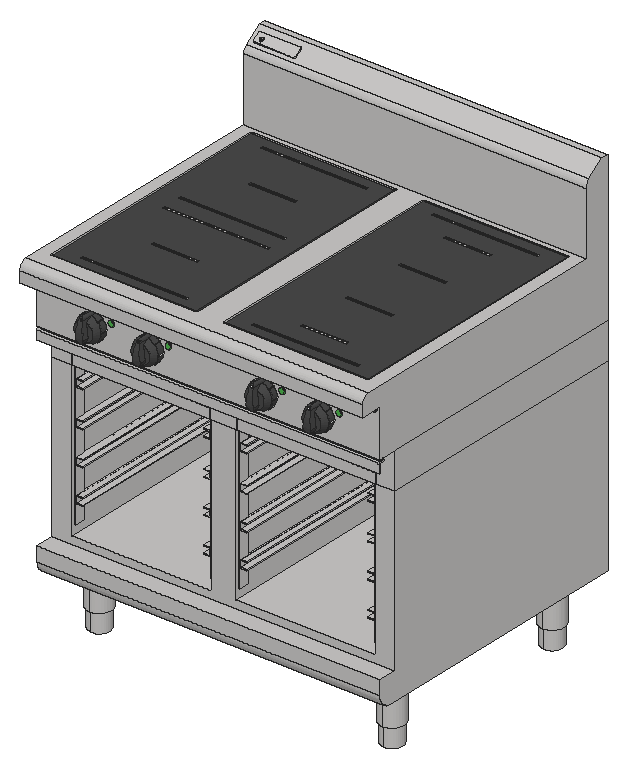
Revit family "QF_Moffat_IN8400R3F-CB_Induction Cooktop_cat", category Specialty Equipment, Revit 2019 (continued)
Definition of nested family "IN8400F-CB_Cabinet base"
  Automatic sketch dimensions
    Extrusion 14 sketch curve to Extrusion 14 sketch curve = 0 mm  (x3)
    Extrusion 14 sketch curve to Extrusion 14 sketch curve = 17.4 mm  (x5)
Definition of nested family "QF_LOGO_Waldorf"
  Parameters (values of type "QF_LOGO_Waldorf")
    Weight in Pounds = 0
    URL Cutsheet = ""
    Specification by User = ""
    Specification by Manufacturer = ""
    Serial Number = ""
    Seismic Rating = ""
    SMACNA No = ""
    Revision Code = ""
    NAFEM Spec ID Number = ""
    Masterspec = ""
    Length = 138 mm
    Item Number = ""
    Installed By = ""
    Identify Quantity as Lot = yes
    Height = 26.711 mm
    Furnished By = ""
    Foodservice Equipment Identifier = yes
    Depth = 3.175 mm
    CSI MasterFormat = ""
  Reference planes
    plane 1 "BACK": y = 0
    plane 2: z = 0
    plane 3 "LEFT": x = 0
    plane 4 "RIGHT": x = 138
    plane 5 "FRONT": y = -3.175
    plane 6 "TOP": z = 26.711
    plane 7 "Center Y": x = 69
    plane 8 "Center X": y = -1.587
  Forms (mm)
    Extrusion 1, solid
      sketch origin (0, 0, 0) x (1, 0, 0) y (0, 0.809017, 0.587785)
        loop
          line (109, 3.464) -> (109, 23.247)
          spline (109, 23.247) -> (108.966, 23.699) -> (108.864, 24.143) -> (108.696, 24.572) -> (108.464, 24.979) -> (108.173, 25.355) -> (107.828, 25.696) -> (107.435, 25.995) -> (107, 26.247) -> (106.531, 26.447) -> (106.035, 26.593) -> (105.522, 26.681) -> (105, 26.711)
          line (105, 26.711) -> (4, 26.711)
          spline (4, 26.711) -> (3.478, 26.681) -> (2.965, 26.593) -> (2.469, 26.447) -> (2, 26.247) -> (1.565, 25.995) -> (1.172, 25.696) -> (0.827, 25.355) -> (0.536, 24.979) -> (0.304, 24.572) -> (0.136, 24.143) -> (0.034, 23.699) -> (0, 23.247)
          line (0, 23.247) -> (0, 3.464)
          spline (0, 3.464) -> (0.034, 3.012) -> (0.136, 2.568) -> (0.304, 2.138) -> (0.536, 1.732) -> (0.827, 1.355) -> (1.172, 1.015) -> (1.565, 0.716) -> (2, 0.464) -> (2.469, 0.264) -> (2.965, 0.118) -> (3.478, 0.03) -> (4, 0)
          line (4, 0) -> (105, 0)
          spline (105, 0) -> (105.522, 0.03) -> (106.035, 0.118) -> (106.531, 0.264) -> (107, 0.464) -> (107.435, 0.716) -> (107.828, 1.015) -> (108.173, 1.355) -> (108.464, 1.732) -> (108.696, 2.138) -> (108.864, 2.568) -> (108.966, 3.012) -> (109, 3.464)
        loop
          line (14.75, 7.005) -> (14.75, 15.654)
          arc (14.75, 15.654) -> (10.425, 11.329) -> (14.75, 7.005) r 4.325
        loop
          line (15.25, 15.654) -> (15.25, 7.005)
          arc (15.25, 7.005) -> (19.575, 11.329) -> (15.25, 15.654) r 4.325
      from 0 to 3.2
    Extrusion 2, solid
      sketch origin (0, 0, 0) x (1, 0, 0) y (0, 0.809017, 0.587785)
        loop
          line (15.25, 15.654) -> (15.25, 7.005)
          arc (15.25, 7.005) -> (19.575, 11.329) -> (15.25, 15.654) r 4.325
      from 0 to 3.2
    Extrusion 3, solid
      sketch origin (16.271, 0, 0) x (-1, 0, 0) y (0, -0.809017, -0.587785)
        loop
          arc (1.521, -15.654) -> (5.846, -11.329) -> (1.521, -7.005) r 4.325
          line (1.521, -7.005) -> (1.521, -15.654)
      from 0 to 3.2
  Lines and regions (mm)
    Split face 1
      outline origin (0, -1.881, 2.589) x (1, 0, 0) y (0, 0.809017, 0.587785)
        loop
          spline (22.129, 16.975) -> (22.389, 15.984) -> (22.649, 15.002) -> (22.91, 14.028) -> (23.172, 13.065) -> (23.433, 12.11) -> (23.695, 11.166) -> (23.956, 10.232) -> (24.218, 9.308) -> (24.479, 8.396) -> (24.74, 7.495) -> (25, 6.605) -> (25.26, 5.728)
          line (25.26, 5.728) -> (29.463, 5.728)
          spline (29.463, 5.728) -> (29.582, 6.252) -> (29.701, 6.78) -> (29.82, 7.313) -> (29.939, 7.85) -> (30.058, 8.391) -> (30.178, 8.936) -> (30.297, 9.485) -> (30.416, 10.038) -> (30.536, 10.594) -> (30.655, 11.155) -> (30.775, 11.719) -> (30.894, 12.287)
          spline (30.894, 12.287) -> (31.018, 11.719) -> (31.142, 11.155) -> (31.266, 10.594) -> (31.39, 10.038) -> (31.514, 9.485) -> (31.638, 8.936) -> (31.762, 8.391) -> (31.885, 7.85) -> (32.009, 7.313) -> (32.133, 6.78) -> (32.256, 6.252) -> (32.379, 5.728)
          line (32.379, 5.728) -> (36.51, 5.728)
          spline (36.51, 5.728) -> (36.766, 6.605) -> (37.023, 7.495) -> (37.28, 8.396) -> (37.538, 9.308) -> (37.795, 10.232) -> (38.053, 11.166) -> (38.311, 12.11) -> (38.569, 13.065) -> (38.826, 14.028) -> (39.083, 15.002) -> (39.34, 15.984) -> (39.597, 16.975)
          line (39.597, 16.975) -> (35.637, 16.975)
          spline (35.637, 16.975) -> (35.523, 16.334) -> (35.41, 15.697) -> (35.296, 15.063) -> (35.182, 14.433) -> (35.068, 13.807) -> (34.954, 13.185) -> (34.84, 12.566) -> (34.726, 11.952) -> (34.612, 11.342) -> (34.497, 10.737) -> (34.383, 10.135) -> (34.269, 9.538)
          spline (34.269, 9.538) -> (34.138, 10.135) -> (34.008, 10.737) -> (33.877, 11.342) -> (33.746, 11.952) -> (33.616, 12.566) -> (33.485, 13.185) -> (33.354, 13.807) -> (33.224, 14.433) -> (33.093, 15.063) -> (32.963, 15.697) -> (32.833, 16.334) -> (32.703, 16.975)
          line (32.703, 16.975) -> (29.247, 16.975)
          spline (29.247, 16.975) -> (29.111, 16.334) -> (28.974, 15.697) -> (28.837, 15.063) -> (28.7, 14.433) -> (28.562, 13.807) -> (28.425, 13.185) -> (28.288, 12.566) -> (28.15, 11.952) -> (28.013, 11.342) -> (27.875, 10.737) -> (27.738, 10.135) -> (27.6, 9.538)
          spline (27.6, 9.538) -> (27.483, 10.135) -> (27.366, 10.737) -> (27.249, 11.342) -> (27.132, 11.952) -> (27.015, 12.566) -> (26.897, 13.185) -> (26.78, 13.807) -> (26.663, 14.433) -> (26.546, 15.063) -> (26.43, 15.697) -> (26.313, 16.334) -> (26.196, 16.975)
          line (26.196, 16.975) -> (22.129, 16.975)
    Split face 2
      outline origin (0, -1.881, 2.589) x (1, 0, 0) y (0, 0.809017, 0.587785)
        loop
          line (51.449, 5.728) -> (51.035, 6.606) -> (51.035, 11.169)
          spline (51.035, 11.169) -> (50.686, 12.42) -> (50.176, 13.224) -> (49.51, 13.708) -> (48.693, 13.995) -> (47.747, 14.152) -> (46.698, 14.207) -> (45.579, 14.186) -> (44.419, 14.114) -> (43.279, 13.929) -> (42.249, 13.481) -> (41.424, 12.614) -> (40.897, 11.169)
          line (40.897, 11.169) -> (44.617, 11.169) -> (44.988, 11.965)
          spline (44.988, 11.965) -> (47.294, 11.682) -> (46.856, 10.932) -> (45.527, 10.609) -> (43.858, 10.439) -> (42.259, 10.123) -> (41.078, 9.417) -> (40.563, 8.246) -> (40.689, 6.989) -> (41.407, 6.052) -> (42.774, 5.536) -> (44.847, 5.497) -> (47.306, 6.602)
          line (47.306, 6.602) -> (47.624, 5.728) -> (51.449, 5.728)
    Split face 3
      outline origin (0, -1.881, 2.589) x (1, 0, 0) y (0, 0.809017, 0.587785)
        loop
          line (47.264, 9.264) -> (44.938, 8.597)
          spline (44.938, 8.597) -> (44.508, 8.228) -> (44.402, 7.9) -> (44.548, 7.626) -> (44.877, 7.42) -> (45.317, 7.295) -> (45.797, 7.265) -> (46.252, 7.342) -> (46.65, 7.525) -> (46.971, 7.813) -> (47.194, 8.201) -> (47.298, 8.685) -> (47.264, 9.264)
    Split face 4
      outline origin (0, -1.881, 2.589) x (1, 0, 0) y (0, 0.809017, 0.587785)
        loop
          line (53.33, 16.975) -> (53.33, 5.728) -> (57.173, 5.728) -> (57.173, 16.975) -> (53.33, 16.975)
    Split face 5
      outline origin (0, -1.881, 2.589) x (1, 0, 0) y (0, 0.809017, 0.587785)
        loop
          line (65.795, 16.975) -> (65.795, 12.976)
          spline (65.795, 12.976) -> (63.839, 14.082) -> (62.087, 14.096) -> (60.633, 13.343) -> (59.574, 12.148) -> (58.99, 10.806) -> (58.867, 9.452) -> (59.156, 8.159) -> (59.81, 7) -> (60.786, 6.056) -> (62.111, 5.514) -> (63.868, 5.634) -> (66.137, 6.679)
          line (66.137, 6.679) -> (66.137, 5.728) -> (69.511, 5.728) -> (69.511, 16.975) -> (65.795, 16.975)
    Split face 6
      outline origin (0, -1.881, 2.589) x (1, 0, 0) y (0, 0.809017, 0.587785)
        loop
          spline (64.273, 7.499) -> (64.754, 7.57) -> (65.202, 7.777) -> (65.587, 8.106) -> (65.882, 8.535) -> (66.067, 9.034) -> (66.131, 9.57) -> (66.067, 10.106) -> (65.882, 10.605) -> (65.587, 11.034) -> (65.202, 11.363) -> (64.754, 11.57) -> (64.273, 11.64)
          spline (64.273, 11.64) -> (63.793, 11.57) -> (63.345, 11.363) -> (62.96, 11.034) -> (62.665, 10.605) -> (62.479, 10.106) -> (62.416, 9.57) -> (62.479, 9.034) -> (62.665, 8.535) -> (62.96, 8.106) -> (63.345, 7.777) -> (63.793, 7.57) -> (64.273, 7.499)
    Split face 7
      outline origin (0, -1.881, 2.589) x (1, 0, 0) y (0, 0.809017, 0.587785)
        loop
          spline (76.449, 5.305) -> (77.855, 5.457) -> (79.166, 5.901) -> (80.291, 6.607) -> (81.155, 7.527) -> (81.698, 8.599) -> (81.883, 9.749) -> (81.698, 10.899) -> (81.155, 11.97) -> (80.291, 12.891) -> (79.166, 13.597) -> (77.855, 14.041) -> (76.449, 14.192)
          spline (76.449, 14.192) -> (75.042, 14.041) -> (73.731, 13.597) -> (72.606, 12.891) -> (71.742, 11.97) -> (71.199, 10.899) -> (71.014, 9.749) -> (71.199, 8.599) -> (71.742, 7.527) -> (72.606, 6.607) -> (73.731, 5.901) -> (75.042, 5.457) -> (76.449, 5.305)
    Split face 8
      outline origin (0, -1.881, 2.589) x (1, 0, 0) y (0, 0.809017, 0.587785)
        loop
          spline (76.449, 7.654) -> (76.841, 7.725) -> (77.206, 7.934) -> (77.52, 8.267) -> (77.76, 8.701) -> (77.912, 9.206) -> (77.963, 9.749) -> (77.912, 10.291) -> (77.76, 10.796) -> (77.52, 11.23) -> (77.206, 11.563) -> (76.841, 11.772) -> (76.449, 11.843)
          spline (76.449, 11.843) -> (76.057, 11.772) -> (75.691, 11.563) -> (75.378, 11.23) -> (75.137, 10.796) -> (74.986, 10.291) -> (74.934, 9.749) -> (74.986, 9.206) -> (75.137, 8.701) -> (75.378, 8.267) -> (75.691, 7.934) -> (76.057, 7.725) -> (76.449, 7.654)
    Split face 9
      outline origin (0, -1.881, 2.589) x (1, 0, 0) y (0, 0.809017, 0.587785)
        loop
          line (86.998, 12.335) -> (86.998, 13.879) -> (83.479, 13.879) -> (83.479, 5.728) -> (87.312, 5.728) -> (87.312, 8.975)
          spline (87.312, 8.975) -> (87.364, 9.356) -> (87.458, 9.686) -> (87.594, 9.968) -> (87.769, 10.204) -> (87.982, 10.398) -> (88.229, 10.55) -> (88.509, 10.666) -> (88.82, 10.746) -> (89.16, 10.794) -> (89.525, 10.812) -> (89.915, 10.803) -> (90.327, 10.77)
          line (90.327, 10.77) -> (90.327, 14.113)
          spline (90.327, 14.113) -> (89.929, 14.127) -> (89.552, 14.111) -> (89.197, 14.066) -> (88.865, 13.991) -> (88.554, 13.887) -> (88.266, 13.754) -> (87.999, 13.591) -> (87.755, 13.399) -> (87.532, 13.177) -> (87.332, 12.926) -> (87.154, 12.645) -> (86.998, 12.335)
    Split face 10
      outline origin (0, -1.881, 2.589) x (1, 0, 0) y (0, 0.809017, 0.587785)
        loop
          line (92.082, 13.879) -> (90.894, 13.879) -> (90.894, 11.972) -> (92.082, 11.972) -> (92.082, 5.728) -> (95.871, 5.728) -> (95.871, 11.972) -> (97.5, 11.972) -> (97.5, 13.879) -> (95.871, 13.879)
          spline (95.871, 13.879) -> (95.843, 14.088) -> (95.845, 14.278) -> (95.877, 14.447) -> (95.939, 14.596) -> (96.03, 14.726) -> (96.151, 14.835) -> (96.301, 14.925) -> (96.482, 14.995) -> (96.692, 15.045) -> (96.931, 15.075) -> (97.201, 15.085) -> (97.5, 15.076)
          line (97.5, 15.076) -> (97.5, 17.266) -> (95.367, 17.266)
          spline (95.367, 17.266) -> (94.982, 17.253) -> (94.58, 17.21) -> (94.174, 17.132) -> (93.774, 17.013) -> (93.39, 16.846) -> (93.034, 16.627) -> (92.717, 16.349) -> (92.448, 16.007) -> (92.24, 15.595) -> (92.102, 15.106) -> (92.046, 14.537) -> (92.082, 13.879)
  Dimensions and locks
    equal spacing: plane 3 "LEFT", plane 7 "Center Y", plane 4 "RIGHT"
    "Length": plane 3 "LEFT" to plane 4 "RIGHT"
    equal spacing: plane 5 "FRONT", plane 8 "Center X", plane 1 "BACK"
    "Depth": plane 5 "FRONT" to plane 1 "BACK"
    "Height": plane 6 "TOP" to level
    plane 4 "RIGHT" to plane 3 "LEFT" = 138 mm
    aligned and locked: level to plane 2
  Automatic sketch dimensions
    Extrusion 1 sketch curve to plane 3 "LEFT" = 0 mm
    plane 3 "LEFT" to Extrusion 1 sketch curve = 4 mm  (x2)
    Extrusion 1 sketch curve to Extrusion 1 sketch curve = 10.75 mm
    Extrusion 1 sketch curve to Extrusion 1 sketch curve = 0.5 mm
    plane 4 "RIGHT" to Extrusion 1 sketch curve = 33 mm
    Extrusion 1 sketch curve to Extrusion 1 sketch curve = 0 mm  (x3)
    Extrusion 1 sketch curve to Extrusion 1 sketch curve = 4 mm
    Extrusion 1 sketch curve to Extrusion 1 sketch curve = 3.464 mm  (x3)
    Extrusion 1 sketch curve to Extrusion 1 sketch curve = 3.541 mm
    Extrusion 1 sketch curve to Extrusion 1 sketch curve = 4.325 mm
    Extrusion 1 sketch curve to Extrusion 1 sketch curve = 19.783 mm
    Extrusion 1 sketch curve to Extrusion 1 sketch curve = 7.592 mm
    plane 3 "LEFT" to Extrusion 2 sketch curve = 15.25 mm
    Extrusion 2 sketch curve to Extrusion 2 sketch curve = 4.325 mm
    plane 3 "LEFT" to Extrusion 3 sketch curve = 14.75 mm
    Extrusion 3 sketch curve to Extrusion 3 sketch curve = 4.325 mm
    Extrusion 1 to Split face 1 sketch curve = 6.879 mm
    Split face 1 sketch curve to Extrusion 1 = 5.728 mm
    Split face 1 sketch curve to Split face 1 sketch curve = 3.132 mm
    Split face 1 sketch curve to Split face 1 sketch curve = 4.068 mm
    Split face 1 sketch curve to Split face 1 sketch curve = 3.051 mm
    Split face 1 sketch curve to Split face 1 sketch curve = 4.203 mm
    Split face 1 sketch curve to Split face 1 sketch curve = 2.916 mm
    Split face 1 sketch curve to Split face 1 sketch curve = 3.456 mm
    Split face 1 sketch curve to Split face 1 sketch curve = 2.934 mm
    Split face 1 sketch curve to Split face 1 sketch curve = 4.131 mm
    Split face 1 sketch curve to Split face 1 sketch curve = 3.96 mm
    Split face 1 sketch curve to Split face 1 sketch curve = 0 mm  (x2)
    Split face 1 sketch curve to Extrusion 1 = 9.736 mm  (x2)
    Extrusion 1 to Split face 1 sketch curve = 6.337 mm
    Extrusion 1 to Split face 1 sketch curve = 6.231 mm
    Extrusion 1 to Split face 1 sketch curve = 3.184 mm
    Extrusion 1 to Split face 1 sketch curve = 13.135 mm
    Split face 1 sketch curve to Split face 1 sketch curve = 4.652 mm
    Split face 1 sketch curve to Split face 1 sketch curve = 3.593 mm
    Split face 1 sketch curve to Split face 1 sketch curve = 1.863 mm
    Split face 1 sketch curve to Split face 1 sketch curve = 0.713 mm
    Split face 1 sketch curve to Split face 1 sketch curve = 2.684 mm
    Split face 1 sketch curve to Split face 1 sketch curve = 3.294 mm
    Split face 1 sketch curve to Split face 1 sketch curve = 0.459 mm
    Split face 1 sketch curve to Split face 1 sketch curve = 2.775 mm
    Split face 1 sketch curve to Split face 1 sketch curve = 1.89 mm
    Split face 1 sketch curve to Split face 1 sketch curve = 0.685 mm
    Split face 1 sketch curve to Split face 1 sketch curve = 9.486 mm
    Split face 1 sketch curve to Split face 1 sketch curve = 16.213 mm
    Split face 1 sketch curve to Split face 1 sketch curve = 3.48 mm
    Split face 1 sketch curve to Split face 1 sketch curve = 4.918 mm
    Split face 1 sketch curve to Split face 1 sketch curve = 7.609 mm
    Split face 1 sketch curve to Split face 1 sketch curve = 0.01 mm  (x2)
    Split face 1 sketch curve to Split face 1 sketch curve = 0.002 mm
    Split face 2 sketch curve to Extrusion 1 = 11.169 mm
    Extrusion 1 to Split face 2 sketch curve = 25.647 mm
    Split face 2 sketch curve to Split face 2 sketch curve = 3.72 mm
    Split face 2 sketch curve to Extrusion 1 = 11.965 mm
    Split face 2 sketch curve to Split face 2 sketch curve = 0.371 mm
    Split face 2 sketch curve to Extrusion 1 = 6.602 mm
    Split face 2 sketch curve to Split face 2 sketch curve = 2.689 mm
    Split face 2 sketch curve to Split face 2 sketch curve = 0.318 mm
    Split face 2 sketch curve to Split face 2 sketch curve = 3.729 mm
    Split face 2 sketch curve to Split face 2 sketch curve = 0.414 mm
    Split face 2 sketch curve to Split face 2 sketch curve = 0.875 mm
    Split face 2 sketch curve to Split face 2 sketch curve = 0.878 mm
    Split face 3 sketch curve to Extrusion 1 = 8.597 mm
    Extrusion 1 to Split face 3 sketch curve = 29.688 mm
    Split face 3 sketch curve to Extrusion 1 = 9.264 mm
    Split face 3 sketch curve to Split face 3 sketch curve = 2.326 mm
    Split face 4 sketch curve to Extrusion 1 = 5.728 mm
    Extrusion 1 to Split face 4 sketch curve = 38.08 mm
    Split face 4 sketch curve to Split face 4 sketch curve = 3.843 mm
    Split face 4 sketch curve to Extrusion 1 = 9.736 mm
    Split face 5 sketch curve to Extrusion 1 = 9.736 mm
    Split face 5 sketch curve to Extrusion 1 = 43.205 mm
    Split face 5 sketch curve to Extrusion 1 = 6.679 mm
    Split face 5 sketch curve to Split face 5 sketch curve = 0.342 mm
    Split face 5 sketch curve to Split face 5 sketch curve = 3.375 mm
    Split face 5 sketch curve to Split face 5 sketch curve = 0.952 mm
    Split face 5 sketch curve to Split face 5 sketch curve = 3.998 mm
    Split face 6 sketch curve to Extrusion 1 = 7.499 mm
    Split face 6 sketch curve to Extrusion 1 = 44.727 mm
    Split face 6 sketch curve to Split face 6 sketch curve = 2.07 mm
    Split face 7 sketch curve to Extrusion 1 = 5.305 mm
    Split face 7 sketch curve to Extrusion 1 = 32.551 mm
    Split face 7 sketch curve to Split face 7 sketch curve = 4.443 mm
    Split face 8 sketch curve to Extrusion 1 = 7.654 mm
    Split face 8 sketch curve to Extrusion 1 = 32.551 mm
    Split face 8 sketch curve to Split face 8 sketch curve = 2.095 mm
    Split face 9 sketch curve to Extrusion 1 = 5.728 mm
    Split face 9 sketch curve to Extrusion 1 = 25.521 mm
    Split face 9 sketch curve to Split face 9 sketch curve = 3.519 mm
    Split face 9 sketch curve to Split face 9 sketch curve = 0.315 mm
    Split face 9 sketch curve to Split face 9 sketch curve = 3.33 mm
    Split face 9 sketch curve to Split face 9 sketch curve = 3.248 mm
    Split face 9 sketch curve to Split face 9 sketch curve = 1.795 mm
    Split face 9 sketch curve to Split face 9 sketch curve = 3.36 mm
    Split face 9 sketch curve to Split face 9 sketch curve = 1.545 mm
    Split face 9 sketch curve to Split face 9 sketch curve = 0.233 mm
    Split face 10 sketch curve to Extrusion 1 = 18.106 mm
    Split face 10 sketch curve to Split face 10 sketch curve = 1.188 mm  (x2)
    Split face 10 sketch curve to Split face 10 sketch curve = 3.285 mm
    Split face 10 sketch curve to Split face 10 sketch curve = 3.789 mm
    Split face 10 sketch curve to Split face 10 sketch curve = 0 mm  (x2)
    Split face 10 sketch curve to Split face 10 sketch curve = 1.629 mm
    Split face 10 sketch curve to Split face 10 sketch curve = 2.133 mm
    Split face 10 sketch curve to Extrusion 1 = 5.728 mm
    Split face 10 sketch curve to Split face 10 sketch curve = 6.245 mm
    Split face 10 sketch curve to Split face 10 sketch curve = 1.907 mm  (x2)
    Split face 10 sketch curve to Split face 10 sketch curve = 1.197 mm
    Split face 10 sketch curve to Split face 10 sketch curve = 2.19 mm
Definition of nested family "Knob"
  Parameters (values of type "Knob")
    Weight in Pounds = 0
    URL Cutsheet = ""
    Specification by User = ""
    Specification by Manufacturer = ""
    Serial Number = ""
    Seismic Rating = ""
    SMACNA No = ""
    Revision Code = ""
    NAFEM Spec ID Number = ""
    Masterspec = ""
    Length = 65 mm
    Item Number = ""
    Installed By = ""
    Identify Quantity as Lot = yes
    Height = 69.5 mm
    Furnished By = ""
    Foodservice Equipment Identifier = yes
    Depth = 59 mm
    CSI MasterFormat = ""
  Reference planes
    plane 1 "BACK": y = 0
    plane 2: z = 0
    plane 3 "LEFT": x = 0
    plane 4 "RIGHT": x = 65
    plane 5 "FRONT": y = -59
    plane 6 "TOP": z = 69.5
    plane 7 "Center Y": x = 32.5
    plane 8 "Center X": y = -29.5
  Forms (mm)
    Revolve 1, solid
      sketch origin (32.5, 175.397, 1219.2) x (0, 1, 0) y (0, 0, 1)
        loop
          line (-175.397, -1186.7) -> (-219.397, -1186.7) -> (-219.397, -1211.501) -> (-202.106, -1219.2) -> (-185.397, -1219.2) -> (-185.397, -1191.7) -> (-175.397, -1191.7) -> (-175.397, -1186.7)
        axis (-219.397, -1186.7) -> (-175.397, -1186.7)
      angle from 0 to 360
    Extrusion 2, solid
      sketch origin (32.5, 175.397, 1219.2) x (0, 1, 0) y (0, 0, 1)
        loop
          line (-202.106, -1154.2) -> (-185.397, -1154.2) -> (-185.397, -1149.7) -> (-224.105, -1149.7)
          arc (-224.105, -1149.7) -> (-233.965, -1178.467) -> (-230.696, -1208.7) r 70
          line (-230.696, -1208.7) -> (-219.397, -1208.7) -> (-219.397, -1161.899) -> (-202.106, -1154.2)
      from -15 to 15
    Extrusion 3, void
      sketch origin (0, 0, 0) x (1, 0, 0) y (0, 0, 1)
        loop
          line (27.501, 64.613) -> (22.02, 20.585)
          arc (22.02, 20.585) -> (32.792, 10.488) -> (42.986, 21.169) r 10.487
          line (42.986, 21.169) -> (37.499, 64.613)
          arc (37.499, 64.613) -> (32.5, 69.5) -> (27.501, 64.613) r 5
        loop
          line (10, 72.977) -> (10, 5.625) -> (55, 5.625) -> (55, 72.977) -> (10, 72.977)
      from 6.142 to 69.687
    Extrusion 4, solid
      sketch origin (0, -34.115, -16.916) x (1, 0, 0) y (0, 0.45399, 0.891007)
        loop
          circle (32.497, 65) r 2
      from 51.525 to 53.075
    Extrusion 5, solid
      sketch origin (32.5, -10, 32.5) x (0, 0, -1) y (-1, 0, 0)
        loop
          line (-23.54, -22.408) -> (-24.106, -22.974)
          arc (-24.106, -22.974) -> (-23.547, -23.547) -> (-22.974, -24.106) r 33.3
          line (-22.974, -24.106) -> (-22.408, -23.54)
          arc (-22.408, -23.54) -> (-22.981, -22.981) -> (-23.54, -22.408) r 32.5
        loop
          arc (-0.8, -33.29) -> (0, -33.3) -> (0.8, -33.29) r 33.3
          line (0.8, -33.29) -> (0.8, -32.49)
          arc (0.8, -32.49) -> (0, -32.5) -> (-0.8, -32.49) r 32.5
          line (-0.8, -32.49) -> (-0.8, -33.29)
        loop
          arc (23.54, -22.408) -> (22.981, -22.981) -> (22.408, -23.54) r 32.5
          line (22.408, -23.54) -> (22.974, -24.106)
          arc (22.974, -24.106) -> (23.547, -23.547) -> (24.106, -22.974) r 33.3
          line (24.106, -22.974) -> (23.54, -22.408)
        loop
          arc (-23.54, 22.408) -> (-22.981, 22.981) -> (-22.408, 23.54) r 32.5
          line (-22.408, 23.54) -> (-22.974, 24.106)
          arc (-22.974, 24.106) -> (-23.547, 23.547) -> (-24.106, 22.974) r 33.3
          line (-24.106, 22.974) -> (-23.54, 22.408)
        loop
          line (-0.8, 33.29) -> (-0.8, 32.49)
          arc (-0.8, 32.49) -> (0, 32.5) -> (0.8, 32.49) r 32.5
          line (0.8, 32.49) -> (0.8, 33.29)
          arc (0.8, 33.29) -> (0, 33.3) -> (-0.8, 33.29) r 33.3
        loop
          line (32.49, -0.8) -> (33.29, -0.8)
          arc (33.29, -0.8) -> (33.3, 0) -> (33.29, 0.8) r 33.3
          line (33.29, 0.8) -> (32.49, 0.8)
          arc (32.49, 0.8) -> (32.5, 0) -> (32.49, -0.8) r 32.5
        loop
          arc (24.106, 22.974) -> (23.547, 23.547) -> (22.974, 24.106) r 33.3
          line (22.974, 24.106) -> (22.408, 23.54)
          arc (22.408, 23.54) -> (22.981, 22.981) -> (23.54, 22.408) r 32.5
          line (23.54, 22.408) -> (24.106, 22.974)
      from 0 to -16.709
  Cuts and joins
    Extrusion 3 cuts Extrusion 2
  Dimensions and locks
    equal spacing: plane 3 "LEFT", plane 7 "Center Y", plane 4 "RIGHT"
    "Length": plane 3 "LEFT" to plane 4 "RIGHT"
    equal spacing: plane 5 "FRONT", plane 8 "Center X", plane 1 "BACK"
    "Depth": plane 5 "FRONT" to plane 1 "BACK"
    "Height": plane 6 "TOP" to level
    plane 4 "RIGHT" to plane 3 "LEFT" = 65 mm
    aligned and locked: level to plane 2
  Automatic sketch dimensions
    Revolve 1 sketch curve to level = 0 mm
    Revolve 1 sketch curve to plane 1 "BACK" = 0 mm  (x2)
    plane 1 "BACK" to Revolve 1 sketch curve = 10 mm
    plane 8 "Center X" to Revolve 1 sketch curve = 2.791 mm
    Revolve 1 sketch curve to plane 8 "Center X" = 14.5 mm
    level to Revolve 1 sketch curve = 7.699 mm
    level to Revolve 1 sketch curve = 27.5 mm
    Revolve 1 sketch curve to Revolve 1 sketch curve = 5 mm
    Revolve 1 sketch curve to Revolve 1 sketch curve = 35 mm
    Revolve 1 sketch curve to Revolve 1 sketch curve = 0 mm
    Extrusion 2 sketch curve to plane 6 "TOP" = 0 mm
    Extrusion 2 sketch curve to plane 5 "FRONT" = 3.702 mm
    Extrusion 2 sketch curve to plane 5 "FRONT" = 10.293 mm
    Extrusion 2 sketch curve to Extrusion 2 sketch curve = 11.298 mm
    plane 8 "Center X" to Extrusion 2 sketch curve = 2.791 mm
    plane 1 "BACK" to Extrusion 2 sketch curve = 10 mm
    Extrusion 2 sketch curve to plane 1 "BACK" = 11 mm
    Extrusion 2 sketch curve to plane 6 "TOP" = 4.5 mm
    Extrusion 2 sketch curve to plane 6 "TOP" = 12.199 mm
    level to Extrusion 2 sketch curve = 32.962 mm
    level to Extrusion 3 sketch curve = 5.625 mm
    Extrusion 3 sketch curve to plane 7 "Center Y" = 0 mm  (x2)
    Extrusion 3 sketch curve to plane 7 "Center Y" = 4.999 mm
    Extrusion 3 sketch curve to plane 7 "Center Y" = 10.48 mm
    plane 6 "TOP" to Extrusion 3 sketch curve = 3.477 mm
    plane 3 "LEFT" to Extrusion 3 sketch curve = 10 mm
    Extrusion 3 sketch curve to plane 6 "TOP" = 4.887 mm
    Extrusion 3 sketch curve to Extrusion 3 sketch curve = 4.999 mm
    plane 7 "Center Y" to Extrusion 3 sketch curve = 10.486 mm
    level to Extrusion 3 sketch curve = 20.585 mm
    Extrusion 3 sketch curve to Extrusion 3 sketch curve = 0.387 mm
    Extrusion 3 sketch curve to Extrusion 3 sketch curve = 0.113 mm
    plane 4 "RIGHT" to Extrusion 3 sketch curve = 10 mm
    Extrusion 5 sketch curve to Revolve 1 = 32.49 mm
    Revolve 1 to Extrusion 5 sketch curve = 32.49 mm
    Extrusion 5 sketch curve to Revolve 1 = 23.54 mm  (x2)
    Revolve 1 to Extrusion 5 sketch curve = 23.54 mm  (x2)
    Extrusion 5 sketch curve to Revolve 1 = 24.106 mm  (x2)
    Revolve 1 to Extrusion 5 sketch curve = 24.106 mm  (x2)
    Revolve 1 to Extrusion 5 sketch curve = 22.408 mm  (x2)
    Extrusion 5 sketch curve to Revolve 1 = 22.408 mm  (x2)
    Revolve 1 to Extrusion 5 sketch curve = 22.974 mm  (x2)
    Extrusion 5 sketch curve to Revolve 1 = 22.974 mm  (x2)
    Extrusion 5 sketch curve to Extrusion 5 sketch curve = 1.6 mm  (x2)
    Revolve 1 to Extrusion 5 sketch curve = 0.8 mm
    Extrusion 5 sketch curve to Revolve 1 = 0.8 mm
    Extrusion 4 sketch curve to plane 7 "Center Y" = 0.003 mm
    radius of Extrusion 5 sketch curve to Revolve 1 = 0 mm  (x7)
    radius of Revolve 1 to Extrusion 5 sketch curve = 0.8 mm  (x7)
    radius of Extrusion 4 sketch curve = 2 mm
Types (2, lengths in mm): name | Volts | Model | Cycle | Apparent Power
  INB8400R3F-CB_400/50/3 | 400 V | "IN8400R3F-CB" | 50 Hz | 16608 VA
  INB8400R3F-CB_415/60/3 | 415 V | "INB8400R3F-CB" | 60 Hz | 17230.8 VA
